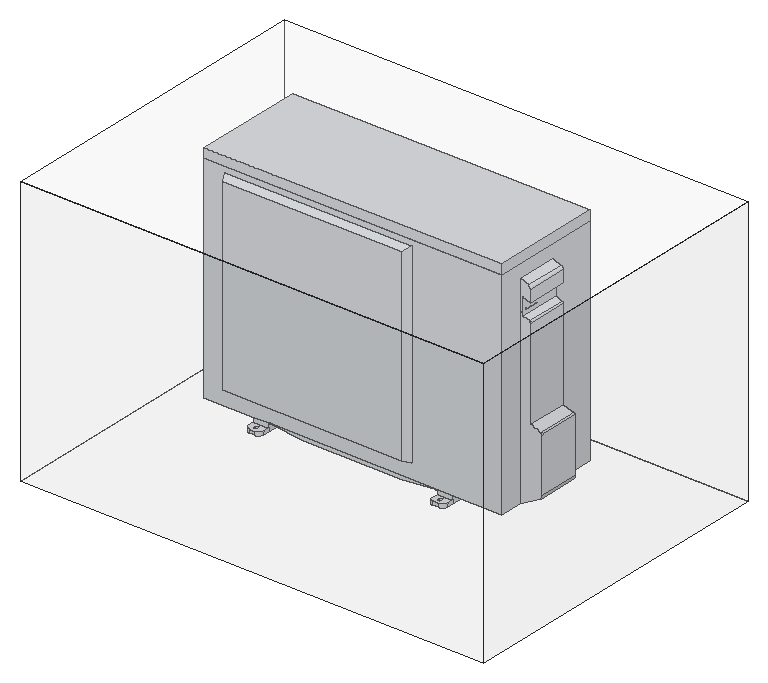
Revit family "puz-ermp40_63ska13_60hz", category 機械設備, Revit 2019 (continued)
Definition of nested family "PUZ-ZRMP-1"
  Lines and regions (mm)
    model lines, visible <- "タイプ3", not visible
      curve 342: line (-404.5, -100, 907) -> (-404.5, -60, 907)
      curve 343: line (-404.5, -100, 1097) -> (-404.5, -100, 907)
      curve 344: line (-404.5, -60, 1097) -> (-404.5, -100, 1097)
      curve 345: line (-404.5, -60, 907) -> (-404.5, -60, 1097)
      curve 346: line (-404.5, 60, 907) -> (-404.5, 100, 907)
      curve 347: line (-404.5, 60, 1097) -> (-404.5, 60, 907)
      curve 348: line (-404.5, 100, 1097) -> (-404.5, 60, 1097)
      curve 349: line (-404.5, 100, 907) -> (-404.5, 100, 1097)
      curve 350: line (-404.5, -46.667, 907) -> (-404.5, -6.667, 907)
      curve 351: line (-404.5, -46.667, 1097) -> (-404.5, -46.667, 907)
      curve 352: line (-404.5, -6.667, 1097) -> (-404.5, -46.667, 1097)
      curve 353: line (-404.5, -6.667, 907) -> (-404.5, -6.667, 1097)
      curve 354: line (-404.5, 6.667, 907) -> (-404.5, 46.667, 907)
      curve 355: line (-404.5, 6.667, 1097) -> (-404.5, 6.667, 907)
      curve 356: line (-404.5, 46.667, 1097) -> (-404.5, 6.667, 1097)
      curve 357: line (-404.5, 46.667, 907) -> (-404.5, 46.667, 1097)
      curve 358: line (-404.5, -100, 1112) -> (-404.5, -60, 1112)
      curve 359: line (-404.5, -100, 1302) -> (-404.5, -100, 1112)
      curve 360: line (-404.5, -60, 1302) -> (-404.5, -100, 1302)
      curve 361: line (-404.5, -60, 1112) -> (-404.5, -60, 1302)
      curve 362: line (-404.5, 60, 1112) -> (-404.5, 100, 1112)
      curve 363: line (-404.5, 60, 1302) -> (-404.5, 60, 1112)
      curve 364: line (-404.5, 100, 1302) -> (-404.5, 60, 1302)
      curve 365: line (-404.5, 100, 1112) -> (-404.5, 100, 1302)
      curve 366: line (-404.5, -46.667, 1112) -> (-404.5, -6.667, 1112)
      curve 367: line (-404.5, -46.667, 1302) -> (-404.5, -46.667, 1112)
      curve 368: line (-404.5, -6.667, 1302) -> (-404.5, -46.667, 1302)
      curve 369: line (-404.5, -6.667, 1112) -> (-404.5, -6.667, 1302)
      curve 370: line (-404.5, 6.667, 1112) -> (-404.5, 46.667, 1112)
      curve 371: line (-404.5, 6.667, 1302) -> (-404.5, 6.667, 1112)
      curve 372: line (-404.5, 46.667, 1302) -> (-404.5, 6.667, 1302)
      curve 373: line (-404.5, 46.667, 1112) -> (-404.5, 46.667, 1302)
    model lines, visible <- "タイプ2", not visible
      curve 374: line (-600, -100, 33.5) -> (-600, -60, 33.5)
      curve 375: line (-600, -100, 73.5) -> (-600, -100, 33.5)
      curve 376: line (-600, -60, 73.5) -> (-600, -100, 73.5)
      curve 377: line (-600, -60, 33.5) -> (-600, -60, 73.5)
      curve 378: line (-600, 60, 33.5) -> (-600, 100, 33.5)
      curve 379: line (-600, 60, 73.5) -> (-600, 60, 33.5)
      curve 380: line (-600, 100, 73.5) -> (-600, 60, 73.5)
      curve 381: line (-600, 100, 33.5) -> (-600, 100, 73.5)
      curve 382: line (-509, -46.667, 33.5) -> (-509, -6.667, 33.5)
      curve 383: line (-509, -46.667, 73.5) -> (-509, -46.667, 33.5)
      curve 384: line (-509, -6.667, 73.5) -> (-509, -46.667, 73.5)
      curve 385: line (-509, -6.667, 33.5) -> (-509, -6.667, 73.5)
      curve 386: line (-509, 6.667, 33.5) -> (-509, 46.667, 33.5)
      curve 387: line (-509, 6.667, 73.5) -> (-509, 6.667, 33.5)
      curve 388: line (-509, 46.667, 73.5) -> (-509, 6.667, 73.5)
      curve 389: line (-509, 46.667, 33.5) -> (-509, 46.667, 73.5)
      curve 483: line (-404.5, -100, 33.5) -> (-404.5, -60, 33.5)
      curve 484: line (-404.5, -100, 73.5) -> (-404.5, -100, 33.5)
      curve 485: line (-404.5, -60, 73.5) -> (-404.5, -100, 73.5)
      curve 486: line (-404.5, -60, 33.5) -> (-404.5, -60, 73.5)
      curve 487: line (-404.5, 60, 33.5) -> (-404.5, 100, 33.5)
      curve 488: line (-404.5, 60, 73.5) -> (-404.5, 60, 33.5)
      curve 489: line (-404.5, 100, 73.5) -> (-404.5, 60, 73.5)
      curve 490: line (-404.5, 100, 33.5) -> (-404.5, 100, 73.5)
      curve 491: line (-404.5, -46.667, 33.5) -> (-404.5, -6.667, 33.5)
      curve 492: line (-404.5, -46.667, 73.5) -> (-404.5, -46.667, 33.5)
      curve 493: line (-404.5, -6.667, 73.5) -> (-404.5, -46.667, 73.5)
      curve 494: line (-404.5, -6.667, 33.5) -> (-404.5, -6.667, 73.5)
      curve 495: line (-404.5, 6.667, 33.5) -> (-404.5, 46.667, 33.5)
      curve 496: line (-404.5, 6.667, 73.5) -> (-404.5, 6.667, 33.5)
      curve 497: line (-404.5, 46.667, 73.5) -> (-404.5, 6.667, 73.5)
      curve 498: line (-404.5, 46.667, 33.5) -> (-404.5, 46.667, 73.5)
    model lines, not visible
      curve 390: line (-404.5, -100, 87) -> (-404.5, -60, 87)
      curve 391: line (-404.5, -100, 277) -> (-404.5, -100, 87)
      curve 392: line (-404.5, -60, 277) -> (-404.5, -100, 277)
      curve 393: line (-404.5, -60, 87) -> (-404.5, -60, 277)
      curve 394: line (-404.5, -100, 292) -> (-404.5, -60, 292)
      curve 395: line (-404.5, -100, 482) -> (-404.5, -100, 292)
      curve 396: line (-404.5, -60, 482) -> (-404.5, -100, 482)
      curve 397: line (-404.5, -60, 292) -> (-404.5, -60, 482)
      curve 398: line (-404.5, -100, 497) -> (-404.5, -60, 497)
      curve 399: line (-404.5, -100, 687) -> (-404.5, -100, 497)
      curve 400: line (-404.5, -60, 687) -> (-404.5, -100, 687)
      curve 401: line (-404.5, -60, 497) -> (-404.5, -60, 687)
      curve 402: line (-404.5, -100, 702) -> (-404.5, -60, 702)
      curve 403: line (-404.5, -100, 892) -> (-404.5, -100, 702)
      curve 404: line (-404.5, -60, 892) -> (-404.5, -100, 892)
      curve 405: line (-404.5, -60, 702) -> (-404.5, -60, 892)
      curve 406: line (-404.5, 60, 87) -> (-404.5, 100, 87)
      curve 407: line (-404.5, 60, 277) -> (-404.5, 60, 87)
      curve 408: line (-404.5, 100, 277) -> (-404.5, 60, 277)
      curve 409: line (-404.5, 100, 87) -> (-404.5, 100, 277)
      curve 410: line (-404.5, -46.667, 87) -> (-404.5, -6.667, 87)
      curve 411: line (-404.5, -46.667, 277) -> (-404.5, -46.667, 87)
      curve 412: line (-404.5, -6.667, 277) -> (-404.5, -46.667, 277)
      curve 413: line (-404.5, -6.667, 87) -> (-404.5, -6.667, 277)
      curve 414: line (-404.5, 6.667, 87) -> (-404.5, 46.667, 87)
      curve 415: line (-404.5, 6.667, 277) -> (-404.5, 6.667, 87)
      curve 416: line (-404.5, 46.667, 277) -> (-404.5, 6.667, 277)
      curve 417: line (-404.5, 46.667, 87) -> (-404.5, 46.667, 277)
      curve 418: line (-404.5, 60, 292) -> (-404.5, 100, 292)
      curve 419: line (-404.5, 60, 482) -> (-404.5, 60, 292)
      curve 420: line (-404.5, 100, 482) -> (-404.5, 60, 482)
      curve 421: line (-404.5, 100, 292) -> (-404.5, 100, 482)
      curve 422: line (-404.5, 60, 702) -> (-404.5, 100, 702)
      curve 423: line (-404.5, 60, 892) -> (-404.5, 60, 702)
      curve 424: line (-404.5, 100, 892) -> (-404.5, 60, 892)
      curve 425: line (-404.5, 100, 702) -> (-404.5, 100, 892)
      curve 426: line (-404.5, -46.667, 292) -> (-404.5, -6.667, 292)
      curve 427: line (-404.5, -46.667, 482) -> (-404.5, -46.667, 292)
      curve 428: line (-404.5, -6.667, 482) -> (-404.5, -46.667, 482)
      curve 429: line (-404.5, -6.667, 292) -> (-404.5, -6.667, 482)
      curve 430: line (-404.5, -46.667, 497) -> (-404.5, -6.667, 497)
      curve 431: line (-404.5, -46.667, 687) -> (-404.5, -46.667, 497)
      curve 432: line (-404.5, -6.667, 687) -> (-404.5, -46.667, 687)
      curve 433: line (-404.5, -6.667, 497) -> (-404.5, -6.667, 687)
      curve 434: line (-404.5, -46.667, 702) -> (-404.5, -6.667, 702)
      curve 435: line (-404.5, -46.667, 892) -> (-404.5, -46.667, 702)
      curve 436: line (-404.5, -6.667, 892) -> (-404.5, -46.667, 892)
      curve 437: line (-404.5, -6.667, 702) -> (-404.5, -6.667, 892)
      curve 438: line (-404.5, 6.667, 292) -> (-404.5, 46.667, 292)
      curve 439: line (-404.5, 6.667, 482) -> (-404.5, 6.667, 292)
      curve 440: line (-404.5, 46.667, 482) -> (-404.5, 6.667, 482)
      curve 441: line (-404.5, 46.667, 292) -> (-404.5, 46.667, 482)
      curve 442: line (-404.5, 6.667, 497) -> (-404.5, 46.667, 497)
      curve 443: line (-404.5, 6.667, 687) -> (-404.5, 6.667, 497)
      curve 444: line (-404.5, 46.667, 687) -> (-404.5, 6.667, 687)
      curve 445: line (-404.5, 46.667, 497) -> (-404.5, 46.667, 687)
      curve 446: line (-404.5, 6.667, 702) -> (-404.5, 46.667, 702)
      curve 447: line (-404.5, 6.667, 892) -> (-404.5, 6.667, 702)
      curve 448: line (-404.5, 46.667, 892) -> (-404.5, 6.667, 892)
      curve 449: line (-404.5, 46.667, 702) -> (-404.5, 46.667, 892)
      curve 450: line (-338.5, -173.2, 372.5) -> (149.5, -173.2, 372.5)
      curve 451: line (149.5, -173.2, 277.5) -> (-338.5, -173.2, 277.5)
      curve 452: line (-338.5, -173.2, 467.5) -> (149.5, -173.2, 467.5)
      curve 453: line (-338.5, -173.2, 562.5) -> (149.5, -173.2, 562.5)
      curve 454: line (149.5, -173.2, 182.5) -> (-338.5, -173.2, 182.5)
      curve 455: line (149.5, -173.2, 87.5) -> (-338.5, -173.2, 87.5)
      curve 456: line (-321.071, -173.2, 579) -> (-321.071, -173.2, 71)
      curve 457: line (132.071, -173.2, 71) -> (132.071, -173.2, 579)
      curve 458: line (-303.643, -173.2, 579) -> (-303.643, -173.2, 71)
      curve 459: line (-286.214, -173.2, 579) -> (-286.214, -173.2, 71)
      curve 460: line (-268.786, -173.2, 579) -> (-268.786, -173.2, 71)
      curve 461: line (-251.357, -173.2, 579) -> (-251.357, -173.2, 71)
      curve 462: line (-233.929, -173.2, 579) -> (-233.929, -173.2, 71)
      curve 463: line (-216.5, -173.2, 579) -> (-216.5, -173.2, 71)
      curve 464: line (-199.071, -173.2, 579) -> (-199.071, -173.2, 71)
      curve 465: line (-181.643, -173.2, 579) -> (-181.643, -173.2, 71)
      curve 466: line (-164.214, -173.2, 579) -> (-164.214, -173.2, 71)
      curve 467: line (-146.786, -173.2, 579) -> (-146.786, -173.2, 71)
      curve 468: line (-129.357, -173.2, 579) -> (-129.357, -173.2, 71)
      curve 469: line (-111.929, -173.2, 579) -> (-111.929, -173.2, 71)
      curve 470: line (-94.5, -173.2, 579) -> (-94.5, -173.2, 71)
      curve 471: line (-77.071, -173.2, 579) -> (-77.071, -173.2, 71)
      curve 472: line (-59.643, -173.2, 579) -> (-59.643, -173.2, 71)
      curve 473: line (-42.214, -173.2, 579) -> (-42.214, -173.2, 71)
      curve 474: line (-24.786, -173.2, 579) -> (-24.786, -173.2, 71)
      curve 475: line (-7.357, -173.2, 579) -> (-7.357, -173.2, 71)
      curve 476: line (10.071, -173.2, 579) -> (10.071, -173.2, 71)
      curve 477: line (27.5, -173.2, 579) -> (27.5, -173.2, 71)
      curve 478: line (44.929, -173.2, 579) -> (44.929, -173.2, 71)
      curve 479: line (62.357, -173.2, 579) -> (62.357, -173.2, 71)
      curve 480: line (79.786, -173.2, 579) -> (79.786, -173.2, 71)
      curve 481: line (97.214, -173.2, 579) -> (97.214, -173.2, 71)
      curve 482: line (114.643, -173.2, 579) -> (114.643, -173.2, 71)
    symbolic lines, visible <- "タイプ1"
      curve 499: line (-278.151, 150, 630) -> (-404.5, 150, 630)
      curve 500: line (-404.5, 150, 630) -> (-404.5, -5.599, 630)
      curve 501: line (-404.5, 40, 630) -> (-424.5, 30, 630)
      curve 502: line (-424.5, 30, 630) -> (-424.5, -30, 630)
      curve 503: line (-424.5, -30, 630) -> (-404.5, -40, 630)
      curve 504: line (-404.5, -5.599, 630) -> (-404.5, -150, 630)
      curve 505: line (-404.5, -150, 630) -> (-301.612, -150, 630)
      curve 506: arc (-272.806, -170, 630) -> (-268.124, -177.204, 630) -> (-260, -180, 630) r 13.2
      curve 507: line (-260, -180, 630) -> (-243.332, -180, 630)
      curve 508: arc (-243.332, -180, 630) -> (-235.208, -177.204, 630) -> (-230.526, -170, 630) r 13.2
      curve 509: line (-301.612, -150, 630) -> (280.999, -150, 630)
      curve 510: line (230, -150, 630) -> (230, -170, 630)
      curve 511: arc (230, -170, 630) -> (232.929, -177.071, 630) -> (240, -180, 630) r 10
      curve 512: line (240, -180, 630) -> (256.8, -180, 630)
      curve 513: arc (256.8, -180, 630) -> (266.134, -176.134, 630) -> (270, -166.8, 630) r 13.2
      curve 514: line (270, -166.8, 630) -> (270, -150, 630)
      curve 515: line (280.999, -150, 630) -> (404.5, -150, 630)
      curve 516: line (404.5, -150, 630) -> (404.5, -77.105, 630)
      curve 517: line (404.5, -90, 630) -> (466.5, -90, 630)
      curve 518: line (466.5, -90, 630) -> (466.5, 20, 630)
      curve 519: line (466.5, 20, 630) -> (404.5, 20, 630)
      curve 520: line (404.5, -77.105, 630) -> (404.5, 150, 630)
      curve 521: line (404.5, 150, 630) -> (308.975, 150, 630)
      curve 522: line (270, 150, 630) -> (270, 180, 630)
      curve 523: line (270, 180, 630) -> (230, 180, 630)
      curve 524: line (230, 180, 630) -> (230, 150, 630)
      curve 525: line (308.975, 150, 630) -> (-278.151, 150, 630)
      curve 526: line (-230, 150, 630) -> (-230, 180, 630)
      curve 527: line (-230, 180, 630) -> (-270, 180, 630)
      curve 528: line (-270, 180, 630) -> (-270, 150, 630)
      curve 529: line (-324.5, 100, 630) -> (324.5, 100, 630)
      curve 530: line (-324.5, 40, 630) -> (-324.5, 100, 630)
      curve 531: line (324.5, 40, 630) -> (-324.5, 40, 630)
      curve 532: line (324.5, 100, 630) -> (324.5, 40, 630)
      curve 533: line (324.5, 30, 630) -> (-324.5, 30, 630)
      curve 534: line (324.5, -30, 630) -> (324.5, 30, 630)
      curve 535: line (-324.5, -30, 630) -> (324.5, -30, 630)
      curve 536: line (-324.5, 30, 630) -> (-324.5, -30, 630)
      curve 537: line (-324.5, -40, 630) -> (324.5, -40, 630)
      curve 538: line (-324.5, -100, 630) -> (-324.5, -40, 630)
      curve 539: line (324.5, -100, 630) -> (-324.5, -100, 630)
      curve 540: line (324.5, -40, 630) -> (324.5, -100, 630)
      curve 541: line (339.5, 100, 630) -> (354.5, 100, 630)
      curve 542: line (339.5, -100, 630) -> (339.5, 100, 630)
      curve 543: line (354.5, -100, 630) -> (339.5, -100, 630)
      curve 544: line (354.5, 100, 630) -> (354.5, -100, 630)
      curve 545: line (-354.5, 100, 630) -> (-339.5, 100, 630)
      curve 546: line (-354.5, -100, 630) -> (-354.5, 100, 630)
      curve 547: line (-339.5, -100, 630) -> (-354.5, -100, 630)
      curve 548: line (-339.5, 100, 630) -> (-339.5, -100, 630)
      curve 549: line (-338.5, -170, 630) -> (149.5, -170, 630)
      curve 550: line (149.5, -170, 630) -> (159.5, -150, 630)
      curve 551: line (-348.5, -150, 630) -> (-338.5, -170, 630)
  Dimensions and locks
    equal spacing: plane 8, plane 1 "中心(正面/背面)", plane 7
    "奥行き": plane 8 to plane 7
    equal spacing: plane 5, plane 3 "中心(左/右)", plane 6
    "幅さ": plane 5 to plane 6
    "高さ": plane 4 to level
    locked: plane 6 to plane 9 at 62
    locked: plane 8 to plane 10 at 60
    locked: plane 8 to plane 11 at 170
    locked: plane 4 to plane 12 at 25
    locked: plane 13 to plane 5 at 20
    "吊りボルト-D": plane 17 to plane 16
    equal spacing: plane 17, plane 1 "中心(正面/背面)", plane 16
    equal spacing: plane 14, plane 3 "中心(左/右)", plane 15
    "吊りボルト-W": plane 14 to plane 15
    plane 21 to plane 14 to plane 20 = 20 mm locked, 20 mm locked
    plane 19 to plane 15 to plane 18 = 20 mm locked, 20 mm locked
    locked: plane 16 to plane 22 at 15
    locked: plane 23 to plane 17 at 15
    locked: plane 24 to level at 8.5
    locked: plane 25 to level at 20
    locked: plane 26 to plane 24 at 3
    locked: plane 4 to plane 29 at 5
    plane 7 to plane 1 "中心(正面/背面)" to plane 8 = 150 mm, 150 mm
    plane 31 to plane 1 "中心(正面/背面)" to plane 30 = 40 mm locked, 40 mm locked
    plane 33 to plane 1 "中心(正面/背面)" to plane 32 = 30 mm locked, 30 mm locked
    locked: plane 34 to plane 12 at 5
    locked: plane 35 to level at 55
    locked: plane 36 to level at 225
    equal spacing: plane 6, plane 39, plane 9
    locked: plane 6 to plane 38 at 10
    locked: plane 20 to plane 27 at 95
    locked: plane 28 to plane 19 at 95
    "換気-D": plane 40 to plane 8
    "換気-W": plane 41 to plane 5
    "換気-H1": plane 42 to level
    plane 43 to plane 41 to plane 44 = 254 mm locked, 254 mm locked
    plane 45 to plane 42 to plane 46 = 264 mm locked, 264 mm locked
    locked: plane 43 to plane 48 at 10
    locked: plane 47 to plane 44 at 10
    locked: plane 45 to plane 49 at 10
    locked: plane 50 to plane 46 at 10
    locked: curve 26 to plane 50 at 16.5
    locked: plane 49 to curve 24 at 16.5
    equal spacing: curve 24, curve 23, curve 21, curve 22, curve 25, curve 26
    equal spacing: plane 48, curve 28, curve 53, curve 52, curve 51, curve 50, curve 49, curve 48, curve 47, curve 46, curve 45, curve 44, curve 43, curve 42, curve 41, curve 40, curve 39, curve 38, curve 37, curve 36, curve 35, curve 34, curve 33, curve 32, curve 31, curve 30, curve 29, curve 27, plane 47
    locked: curve 4 to curve 6 at 10
    locked: curve 3 to curve 5 at 10
    locked: plane 51 to plane 7 at 50
    locked: plane 8 to plane 52 at 50
    equal spacing: group 1, group 2, group 3, group 4, group 5, group 6, group 7, group 8, group 9, group 10, group 11, group 12, group 13, group 14, group 15, group 16, group 17, group 18  (x2)
    equal spacing: group 18, group 17, group 16, group 15, group 14, group 13, group 12, group 11, group 10, group 9, group 8, group 7, group 6, group 5, group 4, group 3, group 2, group 1
    "ドレン管径-X": plane 5 to plane 53
    "ドレン管径-Y": plane 8 to plane 54
    "配線取出口-Y": plane 57 to plane 7
    "冷媒液管径-Y": plane 58 to plane 7
    "冷媒ガス管径-Y": plane 59 to plane 7
    "配線取出口-X": plane 3 "中心(左/右)" to plane 56
    "冷媒ガス管径-X": plane 3 "中心(左/右)" to plane 55
    "冷媒液管径-X": plane 3 "中心(左/右)" to plane 60
    "冷媒液管径-Z": plane 62 to level
    "冷媒ガス管径-Z": plane 61 to level
    "配線取出口-Z": plane 63 to level
    locked: plane 57 to plane 64 at 50
    locked: plane 65 to plane 61 at 37.8
    locked: plane 66 to plane 62 at 16.1
    equal spacing: plane 55, plane 67, plane 60
    equal spacing: plane 58, plane 68, plane 59
    "a": plane 69 "グループ" to plane 3 "中心(左/右)"
    plane 71 to level = 943 mm
    plane 70 to level = 1338 mm
    locked: plane 37 to level at 570
    curve 21 to plane 42 to curve 22 = 47.5 mm locked, 47.5 mm locked
    "換気-H2": plane 72 to plane 42
    plane 73 to plane 72 to plane 74 = 264 mm locked, 264 mm locked
    locked: plane 76 to plane 74 at 10
    locked: plane 73 to plane 75 at 10
    plane 48 to plane 47 = 488 mm
    plane 68 to plane 7 = 185.5 mm
    plane 61 to level = 99.5 mm
    plane 65 to plane 61 = 37.8 mm
    plane 62 to level = 164.5 mm
    plane 66 to plane 62 = 16.1 mm
    plane 68 to plane 77 to plane 78 = 23 mm locked, 17.5 mm locked
    plane 68 to plane 77 = 23 mm
    plane 77 to plane 78 = 17.5 mm
    equal spacing: plane 77, plane 79, plane 78
    "ドレン配管サイズ": diameter of Extrusion 3 sketch curve
    "配線取出口サイズ": diameter of Extrusion 9 sketch curve
    "吊りボルト-φ": diameter of Extrusion 10 sketch curve  (x4)
    "冷媒配管サイズ": diameter of Sweep 11 sketch curve
    "ガス配管サイズ": diameter of Sweep 12 sketch curve
    aligned and locked: level to plane 2
    aligned and locked: Extrusion 1 to level
    aligned and locked: plane 25 to Extrusion 1
    aligned and locked: Extrusion 2 sketch curve to plane 25
    aligned and locked: Extrusion 2 sketch curve to plane 26
    aligned and locked: Extrusion 2 to plane 7
    aligned and locked: plane 8 to Extrusion 2
    aligned and locked: Extrusion 3 to plane 26
    aligned and locked: Extrusion 3 to plane 24
    aligned and locked: Extrusion 4 sketch curve to plane 7
    aligned and locked: Extrusion 4 sketch curve to plane 8
    aligned and locked: Extrusion 4 sketch curve to plane 5
    aligned and locked: Extrusion 4 sketch curve to plane 6
    aligned and locked: Extrusion 4 to plane 25
    aligned and locked: plane 12 to Extrusion 4
    aligned and locked: Extrusion 5 sketch curve to Extrusion 4  (x4)
    aligned and locked: Extrusion 5 to plane 12
    aligned and locked: plane 4 to Extrusion 5
    aligned and locked: plane 29 to Blend 6 sketch curve
    aligned and locked: Blend 6 sketch curve to plane 31
    aligned and locked: Blend 6 sketch curve to plane 12  (x2)
    aligned and locked: plane 30 to Blend 6 sketch curve
    aligned and locked: plane 34 to Blend 6 sketch curve
    aligned and locked: Blend 6 sketch curve to plane 33
    aligned and locked: plane 32 to Blend 6 sketch curve
    aligned and locked: Blend 6 to plane 13
    aligned and locked: plane 5 to Blend 6
    aligned and locked: Extrusion 7 sketch curve to plane 6
    aligned and locked: Extrusion 7 sketch curve to plane 9
    aligned and locked: Extrusion 7 sketch curve to plane 39
    aligned and locked: Extrusion 7 sketch curve to Extrusion 7 sketch curve
    aligned and locked: Extrusion 7 sketch curve to plane 38
    aligned and locked: Extrusion 7 to plane 11
    aligned and locked: plane 10 to Extrusion 7
    aligned and locked: Blend 8 sketch curve to plane 45
    aligned and locked: Blend 8 sketch curve to plane 46
    aligned and locked: Blend 8 sketch curve to plane 44
    aligned and locked: Blend 8 sketch curve to plane 43
    aligned and locked: Blend 8 sketch curve to plane 49
    aligned and locked: Blend 8 sketch curve to plane 47
    aligned and locked: Blend 8 sketch curve to plane 48
    aligned and locked: Blend 8 sketch curve to plane 50
    aligned and locked: Blend 8 to plane 8
    aligned and locked: plane 40 to Blend 8
    aligned and locked: curve 17 to plane 51
    aligned and locked: curve 1 to plane 51
    aligned and locked: plane 51 to curve 19
    aligned and locked: curve 18 to plane 52
    aligned and locked: plane 52 to curve 2
    aligned and locked: plane 52 to curve 20
    aligned and locked: plane 53 to Extrusion 3 sketch curve
    aligned and locked: plane 54 to Extrusion 3 sketch curve
    aligned and locked: plane 63 to Extrusion 9 sketch curve
    aligned and locked: plane 56 to Extrusion 9 sketch curve
    aligned and locked: plane 57 to Extrusion 9
    aligned and locked: Extrusion 9 to plane 64
    aligned and locked: plane 22 to Extrusion 10 sketch curve  (x4)
    aligned and locked: plane 21 to Extrusion 10 sketch curve
    aligned and locked: Extrusion 2 to Extrusion 10 sketch curve  (x2)
    aligned and locked: Extrusion 10 sketch curve to Extrusion 1  (x6)
    aligned and locked: plane 19 to Extrusion 10 sketch curve
    aligned and locked: Extrusion 10 sketch curve to plane 23  (x2)
    aligned and locked: Extrusion 10 sketch curve to plane 18
    aligned and locked: Extrusion 10 sketch curve to plane 20
    aligned and locked: plane 16 to Extrusion 10 sketch curve  (x2)
    aligned and locked: plane 14 to Extrusion 10 sketch curve  (x2)
    aligned and locked: plane 17 to Extrusion 10 sketch curve  (x2)
    aligned and locked: plane 15 to Extrusion 10 sketch curve  (x2)
    aligned and locked: level to Extrusion 10
    aligned and locked: plane 24 to Extrusion 10
    aligned and locked: Masking region 1 sketch curve to Extrusion 5  (x4)
    aligned and locked: Masking region 1 sketch curve to Blend 6  (x3)
    aligned and locked: Masking region 1 sketch curve to Extrusion 7  (x2)
    aligned and locked: Masking region 1 sketch curve to plane 9
    aligned and locked: Masking region 1 sketch curve to Extrusion 10  (x8)
    aligned and locked: Masking region 1 to curve 499
    aligned and locked: curve 500 to Masking region 1
    aligned and locked: curve 501 to Masking region 1
    aligned and locked: curve 502 to Masking region 1
    aligned and locked: curve 503 to Masking region 1
    aligned and locked: curve 504 to Masking region 1
    aligned and locked: curve 505 to Masking region 1
    aligned and locked: curve 506 to Masking region 1
    aligned and locked: curve 508 to Masking region 1
    aligned and locked: curve 510 to Masking region 1
    aligned and locked: curve 511 to Masking region 1
    aligned and locked: curve 513 to Masking region 1
    aligned and locked: Masking region 1 to curve 515
    aligned and locked: curve 516 to Masking region 1
    aligned and locked: curve 517 to Masking region 1
    aligned and locked: curve 518 to Masking region 1
    aligned and locked: curve 519 to Masking region 1
    aligned and locked: curve 520 to Masking region 1
    aligned and locked: curve 521 to Masking region 1
    aligned and locked: curve 522 to Masking region 1
    aligned and locked: curve 523 to Masking region 1
    aligned and locked: curve 524 to Masking region 1
    aligned and locked: curve 525 to Masking region 1
    aligned and locked: curve 526 to Masking region 1
    aligned and locked: curve 527 to Masking region 1
    aligned and locked: curve 528 to Masking region 1
    aligned and locked: curve 532 to curve 12
    aligned and locked: Masking region 1 sketch curve to curve 21
    aligned and locked: Masking region 1 sketch curve to Blend 8  (x2)
    aligned and locked: curve 549 to Blend 8
    aligned and locked: curve 550 to Blend 8
    aligned and locked: curve 551 to Blend 8
    aligned and locked: plane 78 to Sweep 12 sketch curve
    aligned and locked: plane 58 to Sweep 12 sketch curve
    aligned and locked: plane 77 to Sweep 11 sketch curve
    aligned and locked: plane 58 to Sweep 11 sketch curve
    aligned and locked: plane 61 to Sweep 12 sketch curve
  Automatic sketch dimensions
    Extrusion 2 sketch curve to plane 20 = 0 mm
    Extrusion 2 sketch curve to plane 27 = 0 mm
    Extrusion 2 sketch curve to plane 28 = 0 mm
    Extrusion 2 sketch curve to plane 19 = 0 mm
    Extrusion 7 sketch curve to plane 39 = 0 mm
    Extrusion 7 sketch curve to plane 25 = 0 mm
    Extrusion 7 sketch curve to plane 36 = 0 mm
    Extrusion 7 sketch curve to plane 37 = 0 mm
    Extrusion 7 sketch curve to Extrusion 7 sketch curve = 10 mm
    Extrusion 7 sketch curve to plane 39 = 6.58 mm
    Extrusion 7 sketch curve to Extrusion 7 sketch curve = 5 mm  (x2)
    plane 39 to Extrusion 7 sketch curve = 21 mm
    Extrusion 7 sketch curve to plane 39 = 3.29 mm
    Extrusion 7 sketch curve to plane 9 = 3.29 mm
    Extrusion 7 sketch curve to plane 35 = 2.87 mm
    Extrusion 7 sketch curve to Extrusion 7 sketch curve = 81.633 mm
    Extrusion 7 sketch curve to Extrusion 7 sketch curve = 30.244 mm
    Extrusion 7 sketch curve to Extrusion 7 sketch curve = 7.643 mm
    plane 7 to Extrusion 1 sketch curve = 0 mm  (x2)
    Extrusion 1 sketch curve to plane 18 = 0 mm
    plane 8 to Extrusion 1 sketch curve = 0 mm  (x2)
    Extrusion 1 sketch curve to plane 19 = 0 mm
    Extrusion 1 sketch curve to plane 20 = 0 mm
    Extrusion 1 sketch curve to plane 21 = 0 mm
    curve 383 to curve 384 = 40 mm
    curve 382 to curve 386 = 13.333 mm
    curve 386 to curve 386 = 40 mm
    curve 382 to curve 389 = 0 mm
    curve 382 to curve 384 = 40 mm
    curve 384 to curve 387 = 0 mm
    curve 375 to curve 376 = 40 mm
    curve 374 to curve 378 = 120 mm
    curve 378 to curve 378 = 40 mm
    curve 374 to curve 381 = 0 mm
    curve 374 to curve 376 = 40 mm
    curve 378 to curve 379 = 40 mm
    curve 25 to plane 47 = 0 mm
    curve 24 to plane 47 = 0 mm
    curve 22 to plane 47 = 0 mm
    curve 23 to plane 47 = 0 mm
    curve 26 to plane 47 = 0 mm
    curve 21 to plane 47 = 0 mm
    curve 24 to plane 48 = 0 mm
    curve 25 to plane 48 = 0 mm
    curve 26 to plane 48 = 0 mm
    curve 23 to plane 48 = 0 mm
    curve 22 to plane 48 = 0 mm
    curve 21 to plane 48 = 0 mm
    curve 37 to plane 50 = 0 mm
    curve 52 to plane 50 = 0 mm
    curve 51 to plane 50 = 0 mm
    curve 50 to plane 50 = 0 mm
    curve 49 to plane 50 = 0 mm
    curve 48 to plane 50 = 0 mm
    curve 47 to plane 50 = 0 mm
    curve 46 to plane 50 = 0 mm
    curve 45 to plane 50 = 0 mm
    curve 44 to plane 50 = 0 mm
    curve 43 to plane 50 = 0 mm
    curve 42 to plane 50 = 0 mm
    curve 41 to plane 50 = 0 mm
    curve 27 to plane 50 = 0 mm
    curve 28 to plane 50 = 0 mm
    curve 40 to plane 50 = 0 mm
    curve 39 to plane 50 = 0 mm
    curve 29 to plane 50 = 0 mm
    curve 38 to plane 50 = 0 mm
    curve 30 to plane 50 = 0 mm
    curve 53 to plane 50 = 0 mm
    curve 31 to plane 50 = 0 mm
    curve 36 to plane 50 = 0 mm
    curve 32 to plane 50 = 0 mm
    curve 35 to plane 50 = 0 mm
    curve 33 to plane 50 = 0 mm
    curve 34 to plane 50 = 0 mm
    curve 28 to plane 49 = 0 mm
    curve 41 to plane 49 = 0 mm
    curve 27 to plane 49 = 0 mm
    curve 42 to plane 49 = 0 mm
    curve 31 to plane 49 = 0 mm
    curve 40 to plane 49 = 0 mm
    curve 37 to plane 49 = 0 mm
    curve 39 to plane 49 = 0 mm
    curve 32 to plane 49 = 0 mm
    curve 45 to plane 49 = 0 mm
    curve 36 to plane 49 = 0 mm
    curve 46 to plane 49 = 0 mm
    curve 43 to plane 49 = 0 mm
    curve 47 to plane 49 = 0 mm
    curve 29 to plane 49 = 0 mm
    curve 48 to plane 49 = 0 mm
    curve 30 to plane 49 = 0 mm
    curve 49 to plane 49 = 0 mm
    curve 44 to plane 49 = 0 mm
    curve 50 to plane 49 = 0 mm
    curve 33 to plane 49 = 0 mm
    curve 51 to plane 49 = 0 mm
    curve 35 to plane 49 = 0 mm
    curve 52 to plane 49 = 0 mm
    curve 38 to plane 49 = 0 mm
    curve 53 to plane 49 = 0 mm
    curve 34 to plane 49 = 0 mm
    Masking region 1 sketch curve to plane 5 = 0 mm
    Masking region 1 sketch curve to plane 6 = 0 mm
    plane 7 to Masking region 1 sketch curve = 0 mm  (x2)
    Masking region 1 sketch curve to plane 15 = 10 mm
    Masking region 1 sketch curve to plane 19 = 0 mm
    plane 8 to Masking region 1 sketch curve = 0 mm  (x2)
    plane 32 to curve 535 = 0 mm
    plane 33 to curve 534 = 0 mm
    curve 541 to plane 56 = 45.5 mm
    curve 13 to curve 20 = 15 mm
    plane 18 to curve 535 = 54.5 mm
    curve 532 to curve 6 = 0 mm
    curve 537 to curve 5 = 0 mm
    plane 47 to curve 536 = 14 mm
    plane 47 to curve 538 = 14 mm
    plane 47 to curve 1 = 14 mm
    curve 16 to plane 47 = 1 mm
    curve 15 to plane 44 = 6 mm
    plane 1 "中心(正面/背面)" to curve 504 = 5.599 mm
    curve 528 to curve 499 = 8.151 mm
    curve 521 to curve 522 = 38.975 mm
    curve 516 to plane 10 = 12.895 mm
    curve 515 to curve 514 = 10.999 mm
    plane 40 to Masking region 1 sketch curve = 0 mm
    Masking region 1 sketch curve to plane 40 = 3.2 mm  (x2)
    Masking region 1 sketch curve to plane 14 = 10 mm
    Masking region 1 sketch curve to plane 20 = 0.526 mm
    curve 509 to plane 21 = 31.612 mm
    Sweep 12 sketch curve to plane 65 = 0 mm
    Sweep 11 sketch curve to plane 62 = 0 mm
    Sweep 11 sketch curve to plane 66 = 0 mm
    plane 40 to Extrusion 10 sketch curve = 0 mm
    plane 17 to Extrusion 10 sketch curve = 0 mm  (x2)
    Extrusion 10 sketch curve to Extrusion 10 sketch curve = 1.8 mm  (x3)
    plane 17 to Extrusion 10 sketch curve = 1.8 mm  (x2)
    Extrusion 10 sketch curve to Extrusion 10 sketch curve = 0 mm
    Sweep 11 sketch curve to plane 67 = 0 mm
    Sweep 11 sketch curve to profile plane = 0 mm
    Sweep 12 sketch curve to plane 67 = 0 mm
    Sweep 12 sketch curve to profile plane = 0 mm
Definition of nested family "固定点"
  Parameters (values of type "固定点")
    中心円 = if(W > 599 mm, 12 mm, 10 mm)  # 12 mm
    W = 1000 mm
    D = 1000 mm
  Reference planes
    plane 1 "中心(正面/背面)": y = 0
    plane 2: z = 0
    plane 3 "中心(左/右)": x = 0
    plane 4: x = 1000
    plane 5: y = 1000
  Lines and regions (mm)
    symbolic lines, detail levels fine
      curve 1: circle (0, 1000, 0) r 6 normal (0, 0, 1)
      curve 2: circle (0, 0, 0) r 6 normal (0, 0, 1)
      curve 3: circle (1000, 1000, 0) r 6 normal (0, 0, 1)
      curve 4: circle (1000, 0, 0) r 6 normal (0, 0, 1)
      curve 5: line (-200, 1000, 0) -> (1200, 1000, 0)
      curve 6: line (-200, 0, 0) -> (1200, 0, 0)
      curve 7: line (0, 1200, 0) -> (0, -200, 0)
      curve 8: line (1000, 1200, 0) -> (1000, -200, 0)
  Dimensions and locks
    "W": plane 3 "中心(左/右)" to plane 4
    "D": plane 1 "中心(正面/背面)" to plane 5
    "中心円": diameter of curve 1
    "中心円": diameter of curve 2
    "中心円": diameter of curve 3
    "中心円": diameter of curve 4
    aligned and locked: level to plane 2
    aligned and locked: plane 5 to curve 1
    aligned and locked: plane 3 "中心(左/右)" to curve 1
    aligned and locked: plane 3 "中心(左/右)" to curve 2
    aligned and locked: plane 1 "中心(正面/背面)" to curve 2
    aligned and locked: plane 4 to curve 3
    aligned and locked: plane 5 to curve 3
    aligned and locked: plane 1 "中心(正面/背面)" to curve 4
    aligned and locked: plane 4 to curve 4
    aligned and locked: plane 1 "中心(正面/背面)" to curve 6
    aligned and locked: curve 7 to plane 3 "中心(左/右)"
    aligned and locked: curve 8 to plane 4
  Automatic sketch dimensions
    curve 5 to plane 5 = 0 mm
    curve 6 to plane 3 "中心(左/右)" = 200 mm
    curve 5 to plane 3 "中心(左/右)" = 200 mm
    curve 4 to curve 6 = 200 mm
    curve 3 to curve 5 = 200 mm
    plane 1 "中心(正面/背面)" to curve 8 = 200 mm
    plane 1 "中心(正面/背面)" to curve 7 = 200 mm
    curve 3 to curve 8 = 200 mm
    curve 1 to curve 7 = 200 mm
Types (10, lengths in mm): name | 音響パワーレベル（冷）(dB) | 音響パワーレベル(dB) | 電動機出力_圧縮機 | 質量 | 製品質量 | 相 | 構成品番 | 極数 | 暖房能力 | 推奨ブレーカー容量 | 冷房能力
  室外機_PUZ-ERMP40SKA13 (-BS,BSG) | 64 | 66 | 0.6 kW | 51.60 kg | 43.00 kg | 1 | "PUZ-ERMP40SKA13 (-BS,-BSG)" | 1 | 4 kW | 20 A | 3.6 kW
  室外機_PUZ-ERMP40KA13 (-BS,BSG) | 64 | 66 | 0.6 kW | 49.20 kg | 41.00 kg | 3 | "PUZ-ERMP40KA13 (-BS,-BSG)" | 3 | 4 kW | 15 A | 3.6 kW
  室外機_PUZ-ERMP45SKA13 (-BS,BSG) | 64 | 66 | 0.7 kW | 51.60 kg | 43.00 kg | 1 | "PUZ-ERMP45SKA13 (-BS,-BSG)" | 1 | 4.5 kW | 20 A | 4 kW
  室外機_PUZ-ERMP45KA13 (-BS,BSG) | 64 | 66 | 0.7 kW | 49.20 kg | 41.00 kg | 3 | "PUZ-ERMP45KA13 (-BS,-BSG)" | 3 | 4.5 kW | 15 A | 4 kW
  室外機_PUZ-ERMP50SKA13 (-BS,BSG) | 65 | 67 | 0.8 kW | 51.60 kg | 43.00 kg | 1 | "PUZ-ERMP50SKA13 (-BS,-BSG)" | 1 | 5 kW | 20 A | 4.5 kW
  室外機_PUZ-ERMP50KA13 (-BS,BSG) | 65 | 67 | 0.8 kW | 49.20 kg | 41.00 kg | 3 | "PUZ-ERMP50KA13 (-BS,-BSG)" | 3 | 5 kW | 15 A | 4.5 kW
  室外機_PUZ-ERMP56SKA13 (-BS,BSG) | 65 | 67 | 1 kW | 51.60 kg | 43.00 kg | 1 | "PUZ-ERMP56SKA13 (-BS,-BSG)" | 1 | 5.6 kW | 20 A | 5 kW
  室外機_PUZ-ERMP56KA13 (-BS,BSG) | 65 | 67 | 1 kW | 49.20 kg | 41.00 kg | 3 | "PUZ-ERMP56KA13 (-BS,-BSG)" | 3 | 5.6 kW | 15 A | 5 kW
  室外機_PUZ-ERMP63SKA13 (-BS,BSG) | 65 | 67 | 1.3 kW | 51.60 kg | 43.00 kg | 1 | "PUZ-ERMP63SKA13 (-BS,-BSG)" | 1 | 6.3 kW | 30 A | 5.6 kW
  室外機_PUZ-ERMP63KA13 (-BS,BSG) | 65 | 67 | 1.3 kW | 50.40 kg | 42.00 kg | 3 | "PUZ-ERMP63KA13 (-BS,-BSG)" | 3 | 6.3 kW | 15 A | 5.6 kW
